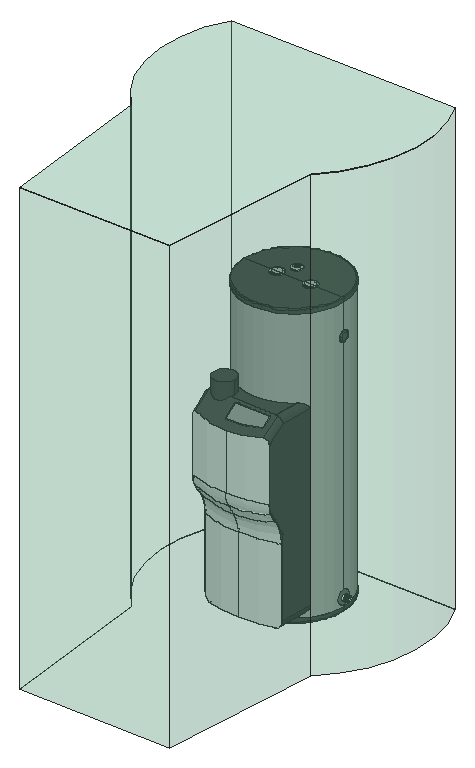
Revit family "Innovo  BENL_IR 24 245 BENL NAT", category Mechanical Equipment, Revit 2015
Parameters (values of type "IR-24-245 BENL NAT")
  Werkruimte Radius = Diameter + 170 mm  # 780 mm
  Werkruimte Hoogte = Hoogte + 1000 mm  # 2745 mm
  Werkruimte Afstand Voor = 1000 mm
  Werkruimte [instance] = yes
  Voorzorgsmaatregelen tijdens montage, installatie of onderhoud = "zie Gebruikers, Installatie, Service en Onderhouds handleiding"  # constant formula
  Voltage = 230 V  # constant formula
  Verpakkingslengte = 946 mm  # constant formula
  Verpakkingshoogte = 1895 mm
  Verpakkingsbreedte = 786 mm  # constant formula
  Uitsluitend werkend in daluren = no
  Uitschakeldruk LDS < = "210"
  Type aanduiding = "IR-24-285"
  Transportgewicht = 153 kg
  Totaal Gewicht = 438 kg
  Stilstandsverlies - dagelijks (24u) = 0 W
  Stilstandsverlies = 0 W
  Standaard Afgesteld op = "G31"
  Stand Regelthermostaat = 65 °C  # constant formula
  Soort Verpakking = "Karton en Hout"  # constant formula
  Slimme controlefunctie = no
  Setpoint thermostaat = 65 °C  # constant formula
  Seizoens Rendement (Hs) = [Rendement (Hs, vlgs. NEN-EN 89 - 1999)]  # 97
  Rendement (Hs, vlgs. NEN-EN 89 - 1999) = 97
  Rendement (Hi, vlgs. NEN-EN 89 - 1999) = 108
  Produktspecificaties Link = ""
  Produkthandleiding Link = ""
  Produkt Model Nummer (EAN-nummer) = "8717449286200"
  Onderhoudsinterval = "12 maanden"  # constant formula
  Nominale Belasting (Onderwaarde) = "22000.0"
  Nominale Belasting (Bovenwaarde) = "23900.0"
  Nominaal Vermogen = "23300.0"
  NOx-uitstoot mg/kWh = "33"
  NOx-uitstoot (lucht vrij, 0% O2) ppm = "20.0"
  Min. Stand Regelthermostaat = 40 °C  # constant formula
  Max. Werkdruk = 800000.0 Pa
  Max. Stand Regelthermostaat = 85 °C  # constant formula
  Max. Rookgastemperatuur = 57 °C
  Ledig Gewicht = 136 kg
  Kraan Hoogte 02 = if(and(Hoogte = 1745 mm, Diameter = 675 mm), 1518 mm, if(and(Hoogte = 1745 mm, Diameter = 610 mm), 1534 mm, if(Hoogte = 1545 mm, 1328 mm, 1070 mm)))  # 1534 mm
  Kraan Hoogte 01 = if(and(Diameter > 560 mm), 693 mm, 604 mm)  # 693 mm
  URL = "www.aosmith.be"
  Tapcapaciteit bij ΔT = 70°C  na 90 min. = 630.0 L
  Tapcapaciteit bij ΔT = 70°C  na 60 min. = 490.0 L
  Tapcapaciteit bij ΔT = 70°C  na 30 min. = 340.0 L
  Tapcapaciteit bij ΔT = 70°C  na 120 min. = 780.0 L
  Tapcapaciteit bij ΔT = 55°C  na 90 min. = 830.0 L
  Tapcapaciteit bij ΔT = 55°C  na 60 min. = 650.0 L
  Tapcapaciteit bij ΔT = 55°C  na 30 min. = 460.0 L
  Tapcapaciteit bij ΔT = 55°C  na 120 min. = 1100.0 L
  Tapcapaciteit bij ΔT = 50°C  na 90 min. = 920.0 L
  Tapcapaciteit bij ΔT = 50°C  na 60 min. = 720.0 L
  Tapcapaciteit bij ΔT = 50°C  na 30 min. = 510.0 L
  Tapcapaciteit bij ΔT = 50°C na 120 min. = 1200.0 L
  Tapcapaciteit bij ΔT = 44°C na 120 min. = 1100.0 L
  Tapcapaciteit bij ΔT = 44°C  na 90 min. = 820.0 L
  Tapcapaciteit bij ΔT = 44°C  na 60 min. = 590.0 L
  Tapcapaciteit bij ΔT = 44°C  na 30 min. = 1300.0 L
  Tapcapaciteit bij ΔT = 28°C na 90 min. = 1700.0 L
  Tapcapaciteit bij ΔT = 28°C na 60 min. = 1400.0 L
  Tapcapaciteit bij ΔT = 28°C na 30 min. = 960.0 L
  Tapcapaciteit bij ΔT = 28°C na 120 min. = 2100.0 L
  Tapcapaciteit Continu bij ΔT = 70°C = 290.0 L/s
  Tapcapaciteit Continu bij ΔT = 55°C = 370.0 L/s
  Tapcapaciteit Continu bij ΔT = 50°C = 410.0 L/s
  Tapcapaciteit Continu bij ΔT = 44°C = 460.0 L/s
  Tapcapaciteit Continu bij ΔT = 28°C = 740.0 L/s
  Opwarmtijd bij ΔT = 70°C = "49"
  Opwarmtijd bij ΔT = 55°C = "39"
  Opwarmtijd bij ΔT = 50°C = "35"
  Opwarmtijd bij ΔT = 44°C = "31"
  Opwarmtijd bij ΔT = 28°C = "20"
  Model = "IR-24-285 BENL LP"
  Manufacturer = "A.O. Smith Water Products Company b.v."  # constant formula
  Length = 780 mm  # constant formula
  Jaarlijks elektriciteitsverbruik (2) = "-"
  Jaarlijks elektriciteitsverbruik (1) = "45 kWh"
  Jaarlijks brandstofverbruik (2) = "-"
  Jaarlijks brandstofverbruik (1) = "21 GJ GCV"
  Isolatiedikte = 44 mm
  Installatie Typen = "B23/C13/C33/C43/C53/C63"  # constant formula
  Inhoud = 285.0 L
  Hoogte Warm Water Uitlaat = 1745 mm
  Hoogte Rookgasafvoer = 1350 mm
  Hoogte Lucht Inlaat = 1350 mm
  Hoogte Koud Water Inlaat = 170 mm
  Hoogte Gas Aansluiting = 920 mm
  Hoogte = 1745 mm
  Handelsmerk = "A.O. Smith"  # constant formula
  Geluidsniveau dB (A) = "<45"  # constant formula
  Geluidsniveau binnen = "53 dB"
  Gasverbruik - Volume ltr/hr = "n.v.t."
  Gasverbruik - Massa kg/h = "1.7"
  Gascategorie = "I2E(S)B"  # constant formula
  Gas Voordruk = "3700 Pa"
  Gas Aansluiting = 15"  # constant formula
  Garrantie op Tank = "36 maanden"  # constant formula
  Garrantie op Onderdelen = "12 maanden"  # constant formula
  Frequentie = 50 Hz  # constant formula
  Fase = 1
  Fabrikantnummer = "E 7110"  # constant formula
  Energie-efficiëntieklasse voor waterverwarming (2) = "-"
  Energie-efficiëntieklasse voor waterverwarming (1) = "A"  # constant formula
  Energie-efficiëntie voor waterverwarming (2) = "-"
  Energie-efficiëntie voor waterverwarming (1) = "91%"
  Elektrisch Vermogen (piek) = 105 W
  Elektrisch Vermogen (nominaal) = 51 W
  Diameter Schoorsteen - parallel systeem = "2x80"  # constant formula
  Diameter Schoorsteen - concentrisch systeem = "80/125 mm/mm"  # constant formula
  Diameter Schoorsteen - boiler = "80/125 mm/mm"  # constant formula
  Diameter = 610 mm
  Description = "Condenserende Hoog Rendementsboiler"  # constant formula
  Created By = "http://www.cadcompany.nl/"
  Capaciteitsprofiel = "XXL"
  CO2-uitstoot (tol. +/- 1.0) vol% = "10.0"
  CE-PIN = "0063CQ3037"  # constant formula
  Breedte = Diameter  # 610 mm
  Bestemming / Land = "BelgIë"  # constant formula
  BIM Content Developer = "CAD & Company"  # constant formula
  Assembly Code = "D3010"
  Ander capaciteitsprofiel = "-"
  Aansluiting Warm Water = 1"
  Aansluiting T&P = 1"
  Aansluiting Koud Water = 3/4"  # constant formula
  Aansluiting Condensafvoer = 40 mm  # constant formula
  Aansluiting Aftapkraan = 3/4"  # constant formula
  2e Onderhoud (algeheel onderhoud) = "12 maanden na installatie"  # constant formula
  1e Onderhoud (check-up) = "3 maanden na installatie"  # constant formula
Reference planes
  plane 1 "Center (Front/Back)": y = 0
  plane 2: z = 0
  plane 3 "Center (Left/Right)": x = 0
  plane 4 "Pipe": through (-383.901, 912.349, 194.799) normal (-0.0879, -0.0879, 0.9923)
  plane 5 "footing": y = 118.925
  plane 6 "footing front": y = -237.85
  plane 7: x = -305
  plane 8: x = 305
  plane 9: z = 1745
Forms (mm)
  Revolve 1, solid, material "RAL 9005", detail levels medium+fine
    sketch origin (0, -237.85, 0) x (-1, 0, 0) y (0, 0, 1)
      loop
        line (0, 28.9) -> (-15, 28.9) -> (-15, 26.4) -> (-8.671, 26.4) -> (-8.671, 18) -> (-5.686, 18) -> (-6.626, 17.06) -> (-6.626, 12.06) -> (-8.671, 12.06) -> (-8.671, 10) -> (-10.031, 10) -> (-23.271, 5.181)
        arc (-23.271, 5.181) -> (-23.763, 4.836) -> (-24.017, 4.293) r 1.159
        line (-24.017, 4.293) -> (-24.017, 1.03)
        arc (-24.017, 1.03) -> (-23.715, 0.302) -> (-22.986, 0) r 1.03
        line (-22.986, 0) -> (0, 0) -> (0, 28.9)
      axis (0, 28.9) -> (0, 0)
    angle from 0 to 360
  Revolve 2, solid, material "RAL 9005", detail levels medium+fine
    sketch origin (0, 118.925, 0) x (-1, 0, 0) y (0, 0, 1)
      loop
        line (-205.984, 28.9) -> (-220.984, 28.9) -> (-220.984, 26.4) -> (-214.655, 26.4) -> (-214.655, 18) -> (-211.67, 18) -> (-212.61, 17.06) -> (-212.61, 12.06) -> (-214.655, 12.06) -> (-214.655, 10) -> (-216.015, 10) -> (-229.256, 5.181)
        arc (-229.256, 5.181) -> (-229.747, 4.836) -> (-230.001, 4.293) r 1.159
        line (-230.001, 4.293) -> (-230.001, 1.03)
        arc (-230.001, 1.03) -> (-229.699, 0.302) -> (-228.971, 0) r 1.03
        line (-228.971, 0) -> (-205.984, 0) -> (-205.984, 28.9)
      axis (-205.984, 28.9) -> (-205.984, 0)
    angle from 0 to 360
  Revolve 3, solid, material "RAL 9005", detail levels medium+fine
    sketch origin (0, 118.925, 0) x (-1, 0, 0) y (0, 0, 1)
      loop
        line (204.016, 28.9) -> (189.016, 28.9) -> (189.016, 26.4) -> (195.345, 26.4) -> (195.345, 18) -> (198.33, 18) -> (197.39, 17.06) -> (197.39, 12.06) -> (195.345, 12.06) -> (195.345, 10) -> (193.985, 10) -> (180.744, 5.181)
        arc (180.744, 5.181) -> (180.253, 4.836) -> (179.999, 4.293) r 1.159
        line (179.999, 4.293) -> (179.999, 1.03)
        arc (179.999, 1.03) -> (180.301, 0.302) -> (181.029, 0) r 1.03
        line (181.029, 0) -> (204.016, 0) -> (204.016, 28.9)
      axis (204.016, 28.9) -> (204.016, 0)
    angle from 0 to 360
Lines and regions (mm)
  symbolic lines
    curve 1: line (0, 280.06, 0) -> (0, -280.06, 0)
    curve 2: line (-280.06, 0, 0) -> (280.06, 0, 0)
  symbolic lines, style "Workspace"
    curve 3: line (681.142, 380.06, 0) -> (-681.142, 380.06, 0)
    curve 4: arc (-681.142, 380.06, 0) -> (-777.325, -64.546, 0) -> (-609.127, -487.2, 0) r 780
    curve 5: line (-609.127, -487.2, 0) -> (-421.783, -1517.825, 0)
    curve 6: line (-421.783, -1517.825, 0) -> (424.03, -1517.825, 0)
    curve 7: line (424.03, -1517.825, 0) -> (611.027, -484.816, 0)
    curve 8: arc (611.027, -484.816, 0) -> (777.449, -63.027, 0) -> (681.142, 380.06, 0) r 780
Dimensions and locks
  plane 5 "footing" to plane 1 "Center (Front/Back)" = 118.925 mm
  plane 1 "Center (Front/Back)" to plane 6 "footing front" = 237.85 mm
  "Diameter": plane 7 to plane 8
  equal spacing: plane 7, plane 3 "Center (Left/Right)", plane 8
  "Hoogte": plane 9 to plane 2
  "Werkruimte Afstand Voor": curve 6 to nested 3
  "Werkruimte Radius": radius of curve 4
  "Werkruimte Radius": radius of curve 8
  aligned and locked: level to plane 2
  aligned and locked: nested 3 to Revolve 1 sketch curve
  aligned and locked: plane 3 "Center (Left/Right)" to Revolve 1 sketch curve
  aligned and locked: nested 3 to plane 1 "Center (Front/Back)"
  aligned and locked: plane 3 "Center (Left/Right)" to nested 3
  aligned and locked: nested 1 to plane 8
  aligned and locked: nested 5 to plane 8
  aligned and locked: nested 2 to plane 7
  aligned and locked: nested 4 to plane 7
  aligned and locked: nested 7 to plane 7
  aligned and locked: nested 8 to plane 3 "Center (Left/Right)"
  aligned and locked: nested 8 to nested 3
  aligned and locked: curve 3 to nested 8
Automatic sketch dimensions
  Revolve 1 sketch curve to level = 0 mm
  plane 3 "Center (Left/Right)" to Revolve 1 sketch curve = 5.686 mm
  Revolve 1 sketch curve to Revolve 1 sketch curve = 0.94 mm  (x2)
  Revolve 1 sketch curve to Revolve 1 sketch curve = 2.046 mm  (x2)
  Revolve 1 sketch curve to Revolve 1 sketch curve = 1.359 mm
  Revolve 1 sketch curve to Revolve 1 sketch curve = 6.329 mm
  level to Revolve 1 sketch curve = 4.091 mm
  Revolve 1 sketch curve to Revolve 1 sketch curve = 12.844 mm
  level to Revolve 1 sketch curve = 1.03 mm
  Revolve 1 sketch curve to Revolve 1 sketch curve = 0.111 mm
  level to Revolve 1 sketch curve = 5.181 mm
  Revolve 1 sketch curve to Revolve 1 sketch curve = 0.745 mm
  level to Revolve 1 sketch curve = 10 mm
  Revolve 1 sketch curve to Revolve 1 sketch curve = 2.06 mm
  Revolve 1 sketch curve to Revolve 1 sketch curve = 5 mm
  Revolve 1 sketch curve to Revolve 1 sketch curve = 8.4 mm
  Revolve 1 sketch curve to Revolve 1 sketch curve = 2.5 mm
  Revolve 1 sketch curve to level = 19.635 mm
  Revolve 1 sketch curve to Revolve 1 sketch curve = 46.465 mm
  Revolve 2 sketch curve to level = 0 mm
  level to Revolve 2 sketch curve = 1.03 mm
  Revolve 2 sketch curve to plane 8 = 74.999 mm
  level to Revolve 2 sketch curve = 5.181 mm
  Revolve 2 sketch curve to Revolve 2 sketch curve = 0.745 mm
  Revolve 2 sketch curve to Revolve 2 sketch curve = 0.397 mm
  Revolve 2 sketch curve to Revolve 2 sketch curve = 8.271 mm
  Revolve 2 sketch curve to Revolve 2 sketch curve = 13.241 mm
  Revolve 2 sketch curve to Revolve 2 sketch curve = 1.359 mm
  Revolve 2 sketch curve to Revolve 2 sketch curve = 6.329 mm
  Revolve 2 sketch curve to Revolve 2 sketch curve = 2.046 mm
  level to Revolve 2 sketch curve = 18 mm
  Revolve 2 sketch curve to Revolve 2 sketch curve = 0.94 mm  (x2)
  Revolve 2 sketch curve to Revolve 2 sketch curve = 8.671 mm
  Revolve 2 sketch curve to Revolve 2 sketch curve = 1.089 mm
  Revolve 2 sketch curve to Revolve 2 sketch curve = 8 mm
  Revolve 2 sketch curve to Revolve 2 sketch curve = 2.06 mm
  Revolve 2 sketch curve to Revolve 2 sketch curve = 8.4 mm
  Revolve 2 sketch curve to Revolve 2 sketch curve = 2.5 mm
  Revolve 2 sketch curve to Revolve 2 sketch curve = 0 mm
  Revolve 2 sketch curve to level = 19.635 mm
  Revolve 2 sketch curve to Revolve 2 sketch curve = 46.465 mm
  Revolve 3 sketch curve to level = 0 mm
  level to Revolve 3 sketch curve = 1.03 mm
  Revolve 3 sketch curve to plane 7 = 125.001 mm
  level to Revolve 3 sketch curve = 5.181 mm
  Revolve 3 sketch curve to Revolve 3 sketch curve = 0.745 mm
  Revolve 3 sketch curve to Revolve 3 sketch curve = 0.397 mm
  Revolve 3 sketch curve to Revolve 3 sketch curve = 8.271 mm
  Revolve 3 sketch curve to Revolve 3 sketch curve = 13.241 mm
  Revolve 3 sketch curve to Revolve 3 sketch curve = 1.359 mm
  Revolve 3 sketch curve to Revolve 3 sketch curve = 6.329 mm
  Revolve 3 sketch curve to Revolve 3 sketch curve = 2.046 mm
  level to Revolve 3 sketch curve = 18 mm
  Revolve 3 sketch curve to Revolve 3 sketch curve = 0.94 mm  (x2)
  Revolve 3 sketch curve to Revolve 3 sketch curve = 8.671 mm
  Revolve 3 sketch curve to Revolve 3 sketch curve = 1.089 mm
  Revolve 3 sketch curve to Revolve 3 sketch curve = 8 mm
  Revolve 3 sketch curve to Revolve 3 sketch curve = 2.06 mm
  Revolve 3 sketch curve to Revolve 3 sketch curve = 8.4 mm
  Revolve 3 sketch curve to Revolve 3 sketch curve = 2.5 mm
  Revolve 3 sketch curve to Revolve 3 sketch curve = 0 mm
  Revolve 3 sketch curve to level = 19.635 mm
  Revolve 3 sketch curve to Revolve 3 sketch curve = 46.465 mm
  curve 4 to curve 8 = 0 mm  (x2)
  plane 1 "Center (Front/Back)" to curve 2 = 0 mm
  curve 1 to plane 3 "Center (Left/Right)" = 0 mm
  plane 1 "Center (Front/Back)" to curve 4 = 0 mm
  curve 4 to plane 3 "Center (Left/Right)" = 0 mm
  curve 5 to plane 6 "footing front" = 249.35 mm
  plane 7 to curve 5 = 116.783 mm
  plane 8 to curve 7 = 119.03 mm
  curve 7 to plane 6 "footing front" = 246.966 mm
  curve 2 to plane 7 = 24.94 mm
  curve 2 to plane 8 = 24.94 mm
  curve 1 to plane 6 "footing front" = 42.21 mm
  plane 5 "footing" to curve 1 = 161.135 mm
Nested families
  nested 1: "Valve" at (305, -0.38, 1534) x (0, 1, 0) z (0, 0, 1), built-in parameter 1001364 <- "Kraan Hoogte 02", type "Valve"
  nested 2: "Drain Valve" at (-305, 0, 1534), built-in parameter 1001364 <- "Kraan Hoogte 02", type "Drain Valve"
  nested 3: "Housing Mother Housing S 57 (external)" at (0, -299.886, 0), type "Housing Mother_Housing S_57"
    with radius 305 mm, distance to boiler center 154 mm, diameter 610 mm
  nested 4: "Drain Valve" at (-305, 0, 177), type "Drain Valve"
  nested 5: "Drain Valve" at (305, 0, 107) x (-1, 0, 0) z (0, 0, 1), type "Drain Valve"
  nested 6: "Boiler" at (0, 0, 0), height <- "Hoogte", type "Boiler"
    with height 1745 mm, radius 305 mm, Diameter 610 mm
  nested 7: "Drain Valve" at (-305, 0, 693), built-in parameter 1001364 <- "Kraan Hoogte 01", type "Drain Valve"
  nested 8: "Innovo_workspace" at (0, 0, 0), Workspace <- "Werkruimte", Workspace Distance Front <- "Werkruimte Afstand Voor", Workspace Height <- "Werkruimte Hoogte", Workspace Radius <- "Werkruimte Radius", type "Workspace"
    with Workspace Radius 780 mm, Workspace Height 2745 mm, Workspace Distance Front 1000 mm, Workspace yes, Center to Front 517.825 mm
Connectors
  piping at (339.826, 0, 107), diameter 19.05, driven by "Aansluiting Aftapkraan"
    settings: on nested 5, index 1, connector inside diameter 24", connector length 0 mm, flow factor 0, pipe flow 0.0 L/s, pressure drop 0.0 Pa, fitting loss kfactor 0, connector angle 0.00°, fixture units 0, engagement length 0 mm, angle of deflection 0.00°, flow configuration 0, flow direction 0, fitting loss method 0, system type 19, joint type 0, gender type 0, connector reference index -1, connector utility 0, adjustable connector no, is connector primary yes, connector description ""
  hvac at (-147.013, -346.326, 1310.674)
    settings: on nested 3, index 2, duct flow 0.0 L/s, flow factor 0, pres drop 0.0 Pa, loss coef 0, conn angle 0.00°, conn width 304.8 mm, conn height 304.8 mm, conn diameter 125 mm, duct sys type 4, conn prof type 0, flow config 0, flow direction 0, loss method 0, conn ref index -1, conn util no, is conn primary yes, conn desc ""
Definition of nested family "Valve"
  Parameters (values of type "Valve")
    Type Comments = "T&P valve (internal)"
    Manufacturer = "A.O. Smith"
  Reference planes
    plane 1 "Center (Front/Back)": y = 0
    plane 2: z = 0
    plane 3 "Center (Left/Right)": x = 0
  Forms (mm)
    Extrusion 1, solid, detail levels fine
      sketch origin (0, 0, 0) x (1, 0, 0) y (0, 0, 1)
        loop
          circle (0, 0) r 31.5
      from -2.271 to 1.4
    Sweep 2, solid, detail levels fine
      path origin (0, -1.4, 0) x (1, 0, 0) y (0, 0, 1)
        loop
          circle (0, 0) r 31.5
      profile origin (0, -1.4, 31.5) x (0, 0, -1) y (0, -1, 0)
        loop
          line (7.3, 0) -> (7.3, 3) -> (0, 0) -> (7.3, 0)
  Dimensions and locks
    aligned and locked: level to plane 2
Definition of nested family "Drain Valve"
  Reference planes
    plane 1 "Center (Front/Back)": y = 0
    plane 2: z = 0
    plane 3 "Center (Left/Right)": x = 0
  Forms (mm)
    Revolve 1, solid, detail levels medium+fine
      sketch origin (0, 0, 0) x (1, 0, 0) y (0, 0, 1)
        loop
          line (-33.442, 15.696) -> (-34.826, 14.329) -> (-34.93, 12.731) -> (-16.555, 12.731) -> (-16.555, 0) -> (15.787, 0) -> (15.787, 18.3) -> (-14.4, 18.3) -> (-17.148, 15.533) -> (-18.729, 16.697) -> (-20.091, 15.333) -> (-21.672, 16.496) -> (-23.034, 15.133) -> (-24.614, 16.296) -> (-25.976, 14.932) -> (-27.557, 16.096) -> (-28.919, 14.732) -> (-30.5, 15.896) -> (-31.862, 14.532) -> (-33.442, 15.696)
        axis (-34.93, 0) -> (15.787, 0)
      angle from 0 to 360
  Dimensions and locks
    aligned and locked: level to plane 2
  Nested families
    nested 1: "Rubber sealing" at (2.592, -0.155, 0) x (0.0023, -1, 0) z (0, 0, 1), type "Rubber sealing", detail levels fine
  Definition of nested family "Rubber sealing"
    Reference planes
      plane 1 "Center (Front/Back)": y = 0
      plane 2: z = 0
      plane 3 "Center (Left/Right)": x = 0
    Forms (mm)
      Extrusion 1, solid, detail levels fine
        sketch origin (141.861, 319.581, 0) x (1, 0, 0) y (0, 1, 0)
          loop
            line (-216.354, -311.898) -> (-216.354, -313.94)
            arc (-216.354, -313.94) -> (-141.602, -321.581) -> (-66.861, -313.835) r 366.966
            line (-66.861, -313.835) -> (-66.861, -311.791)
            arc (-66.861, -311.791) -> (-141.602, -319.581) -> (-216.354, -311.898) r 364.966
        from -80 to 80
      Extrusion 2, void
        sketch origin (141.861, 319.581, 0) x (1, 0, 0) y (0, 0, 1)
          loop
            circle (-141.861, 0) r 13
          loop
            circle (-141.861, 0) r 110
          loop
            circle (-141.861, 0) r 40
        from 311.563 to 332.684
      Extrusion 3, void
        sketch origin (141.861, 319.581, 0) x (1, 0, 0) y (0, 0, 1)
          loop
            circle (-141.861, 0) r 18.25
        from 315.524 to 326.084
    Cuts and joins
      Extrusion 2, Extrusion 3 cuts Extrusion 1
    Dimensions and locks
      aligned and locked: level to plane 2
Definition of nested family "Housing Mother Housing S 57 (external)"
  Parameters (values of type "Housing Mother_Housing S_57")
    radius [instance] = 280 mm
    distance to boiler center = if(diameter = 675 mm, 189 mm, if(diameter = 610 mm, 154 mm, 129 mm))  # 129 mm
    diameter = 560 mm
  Reference planes
    plane 1 "Center (Front/Back)": y = 0
    plane 2: z = 0
    plane 3 "Center (Left/Right)": x = 0
    plane 4 "left": through (-245.286, 145.886, 1200) normal (0.9994, 0.0349, 0)
    plane 5: y = -217.939
    plane 6: y = 145.886
    plane 7: z = 1232.6
    plane 8: z = 65.89
    plane 9 "right": through (245.286, 145.886, 1200) normal (0.9994, -0.0349, 0)
    plane 10 "display": through (0, -90.37, 1221.196) normal (0, -0.5736, 0.8192)
    plane 11 "Potentiostat": z = 867.899
    plane 12 "boiler center": y = 274.886
    plane 13: x = -280
    plane 14: x = 280
  Forms (mm)
    Extrusion 1, solid
      sketch origin (0, 0, 0) x (1, 0, 0) y (0, 1, 0)
        loop
          line (-245.286, 145.886) -> (-232.581, -217.939) -> (232.581, -217.939) -> (245.286, 145.886)
          arc (245.286, 145.886) -> (0, 0.923) -> (-245.286, 145.886) r 280
      from 0 to 1232.6
    Sweep 2, void
      path origin (0, 0, 0) x (0, 1, 0) y (0, 0, 1)
        loop
          line (-217.939, 1232.6) -> (-217.939, 795.555)
          arc (-217.939, 795.555) -> (-212.387, 754.285) -> (-197.694, 715.322) r 183.924
          arc (-197.694, 715.322) -> (-179.915, 684.628) -> (-159.106, 655.901) r 348.284
          arc (-159.106, 655.901) -> (-131.411, 600.328) -> (-121.88, 538.973) r 202.254
          line (-121.88, 538.973) -> (-121.88, 61.106)
      profile origin (0, -217.939, 1014.077) x (1, 0, 0) y (0, 1, 0)
        loop
          arc (0, 0) -> (-117.533, 9.941) -> (-231.728, 39.475) r 699.984
          arc (-231.728, 39.475) -> (-233.391, 40.705) -> (-234.07, 42.659) r 3.505
          line (-234.07, 42.659) -> (-254.062, 42.659) -> (-254.062, -142.593) -> (254.07, -142.593) -> (254.07, 42.659) -> (234.07, 42.659)
          arc (234.07, 42.659) -> (233.391, 40.705) -> (231.728, 39.475) r 3.505
          arc (231.728, 39.475) -> (117.533, 9.941) -> (0, 0) r 699.984
    Extrusion 3, void
      sketch origin (0, 0, 0) x (0, 1, 0) y (0, 0, 1)
        loop
          arc (102.864, 70.869) -> (99.804, 70.709) -> (96.874, 69.813) r 12.57
          arc (96.874, 69.813) -> (87.878, 66.533) -> (78.516, 64.529) r 69.114
          arc (78.516, 64.529) -> (76.41, 64.284) -> (74.294, 64.148) r 41.206
          arc (74.294, 64.148) -> (65.203, 64.335) -> (56.122, 64.782) r 318.661
          arc (56.122, 64.782) -> (30.585, 66.179) -> (5.028, 67.128) r 1456.581
          line (5.028, 67.128) -> (-84.534, 73.135)
          arc (-84.534, 73.135) -> (-86.363, 73.808) -> (-87.536, 75.365) r 3.455
          line (-87.536, 75.365) -> (-264.473, 75.365) -> (-264.473, 0) -> (160.886, 0) -> (160.886, 103.945) -> (145.886, 103.945)
          arc (145.886, 103.945) -> (145.104, 97.827) -> (142.923, 92.059) r 26.364
          arc (142.923, 92.059) -> (141.067, 88.936) -> (138.867, 86.045) r 31.715
          arc (138.867, 86.045) -> (135.576, 82.49) -> (132.021, 79.2) r 62.615
          arc (132.021, 79.2) -> (125.841, 74.697) -> (119.091, 71.103) r 54.444
          arc (119.091, 71.103) -> (116.371, 70.272) -> (113.531, 70.123) r 11.669
          line (113.531, 70.123) -> (102.864, 70.869)
      from -254.062 to 254.07
    Sweep 4, void
      path origin (0, 0, 0) x (1, 0, 0) y (0, 1, 0)
        loop
          line (-245.286, 145.886) -> (-232.581, -217.939)
      profile origin (-238.933, -36.027, 0) x (0.999391, 0.034899, 0) y (0, 0, 1)
        loop
          line (-4.454, 0) -> (47.084, 0) -> (47.084, 73.431)
          arc (47.084, 73.431) -> (14.222, 85.134) -> (0.255, 117.1) r 43.922
          line (0.255, 117.1) -> (-4.454, 117.1) -> (-4.454, 0)
    Sweep 5, void
      path origin (0, 0, 0) x (-1, 0, 0) y (0, 1, 0)
        loop
          line (-245.286, 145.886) -> (-232.581, -217.939)
      profile origin (238.933, -36.027, 0) x (0.999391, -0.034899, 0) y (0, 0, 1)
        loop
          line (4.454, 0) -> (4.454, 117.1) -> (-0.255, 117.1)
          arc (-0.255, 117.1) -> (-14.222, 85.134) -> (-47.084, 73.431) r 43.922
          line (-47.084, 73.431) -> (-47.084, 0) -> (4.454, 0)
    Sweep 6, void
      path origin (-239.899, -8.377, 0) x (-0.034899, 0.999391, 0) y (0, 0, 1)
        loop
          line (-209.69, 1141.272) -> (-79.18, 1232.6) -> (154.358, 1232.6)
      profile origin (-241.211, 29.188, 1232.6) x (0, 0, 1) y (0.999391, 0.034899, 0)
        loop
          line (-45, -30) -> (75, -30) -> (75, 0) -> (75, 55) -> (2.799, 55) -> (-1.253, 35.128)
          arc (-1.253, 35.128) -> (-16.771, 9.564) -> (-45, -0.308) r 44.287
          line (-45, -0.308) -> (-45, -30)
    Sweep 7, void
      path origin (239.899, -8.377, 0) x (0.034899, 0.999391, 0) y (0, 0, 1)
        loop
          line (-209.69, 1141.272) -> (-79.18, 1232.6) -> (154.358, 1232.6)
      profile origin (241.211, 29.188, 1232.6) x (0, 0, -1) y (-0.999391, 0.034899, 0)
        loop
          line (-75, -25) -> (45, -25) -> (45, -0.308)
          arc (45, -0.308) -> (16.771, 9.564) -> (1.253, 35.128) r 44.287
          line (1.253, 35.128) -> (-2.799, 55) -> (-75, 55) -> (-75, -25)
    Extrusion 8, void
      sketch origin (0, 0, 0) x (0, 1, 0) y (0, 0, 1)
        loop
          line (-270, 1336.099) -> (-270, 1099.081) -> (68.497, 1336.099) -> (-270, 1336.099)
      from -425.038 to 444.42
    Extrusion 9, solid, detail levels medium+fine
      sketch origin (0, 0, 0) x (1, 0, 0) y (0, 1, 0)
        loop
          circle (-147.013, -46.44) r 65
      from 1163.174 to 1310.674
    Extrusion 10, void
      sketch origin (0, -603.506, 861.895) x (0, 0.819152, 0.573576) y (-1, 0, 0)
        loop
          arc (618.322, -173) -> (623.272, -170.95) -> (625.322, -166) r 7
          line (625.322, -166) -> (625.322, 35)
          arc (625.322, 35) -> (623.272, 39.95) -> (618.322, 42) r 7
          line (618.322, 42) -> (535.473, 42)
          arc (535.473, 42) -> (530.688, 40.11) -> (528.488, 35.46) r 7
          arc (528.488, 35.46) -> (531.569, -67.592) -> (554.18, -168.18) r 540
          arc (554.18, -168.18) -> (556.724, -171.668) -> (560.831, -173) r 7
          line (560.831, -173) -> (618.322, -173)
      from 0 to 137.286
    Sweep 11, solid, detail levels fine
      path origin (0, 0, 867.899) x (-1, 0, 0) y (0, -1, 0)
        loop
          line (309.749, -35.617) -> (204.371, -35.617)
          arc (204.371, -35.617) -> (196.509, -34.687) -> (189.082, -31.947) r 33.677
          line (189.082, -31.947) -> (-9.574, 69.274)
      profile origin (-257.06, 35.617, 867.899) x (0, 1, 0) y (0, 0, 1)
        loop
          circle (0, 0) r 7.316
        loop
          circle (0, 0) r 6.465
    Revolve 12, void
      sketch origin (0, 274.886, 0) x (-1, 0, 0) y (0, 0, 1)
        loop
          line (280, 1243.838) -> (0, 1243.838) -> (0, 54.9) -> (280, 54.9) -> (280, 1243.838)
        axis (0, 1243.838) -> (0, 54.9)
      angle from 0 to 360
  Cuts and joins
    Sweep 2, Extrusion 3, Sweep 4, Sweep 5, Sweep 6, Sweep 7, Extrusion 8, Extrusion 10, Revolve 12 cuts Extrusion 1
  Dimensions and locks
    plane 8 to plane 2 = 65.89 mm
    plane 7 to plane 8 = 1166.71 mm
    "distance to boiler center": plane 12 "boiler center" to plane 6
    "diameter": plane 14 to plane 13
    equal spacing: plane 14, plane 3 "Center (Left/Right)", plane 13
    "radius": plane 3 "Center (Left/Right)" to plane 13
    aligned and locked: level to plane 2
    aligned and locked: Extrusion 1 to plane 7
    aligned and locked: Extrusion 1 sketch curve to plane 5
    aligned and locked: Sweep 2 to Extrusion 3
    aligned and locked: Extrusion 3 to Sweep 2  (x2)
    aligned and locked: plane 7 to Sweep 2 sketch curve
    aligned and locked: plane 3 "Center (Left/Right)" to Revolve 12 sketch curve
    aligned and locked: Revolve 12 sketch curve to plane 3 "Center (Left/Right)"
    aligned and locked: plane 13 to Revolve 12 sketch curve
  Automatic sketch dimensions
    Extrusion 1 sketch curve to plane 4 "left" = 0 mm  (x2)
    Extrusion 1 sketch curve to plane 6 = 0 mm  (x2)
    Extrusion 1 sketch curve to plane 3 "Center (Left/Right)" = 0 mm
    Extrusion 1 sketch curve to plane 9 "right" = 0 mm
    plane 6 to Extrusion 1 sketch curve = 135.037 mm
    Sweep 2 sketch curve to plane 5 = 0 mm
    plane 5 to Sweep 2 sketch curve = 106.195 mm
    Sweep 2 sketch curve to plane 5 = 96.059 mm
    plane 1 "Center (Front/Back)" to Sweep 2 sketch curve = 34.053 mm
    plane 11 "Potentiostat" to Sweep 2 sketch curve = 6.417 mm
    Sweep 2 sketch curve to plane 6 = 33.705 mm
    Sweep 2 sketch curve to plane 11 "Potentiostat" = 68.615 mm
    Sweep 2 sketch curve to plane 11 "Potentiostat" = 72.345 mm
    Sweep 2 sketch curve to Sweep 2 sketch curve = 176.349 mm
    Sweep 2 sketch curve to Sweep 2 sketch curve = 0 mm  (x2)
    plane 8 to Sweep 2 sketch curve = 4.784 mm
    Extrusion 3 sketch curve to level = 0 mm
    Extrusion 3 sketch curve to plane 6 = 0 mm
    Extrusion 3 sketch curve to plane 6 = 26.363 mm
    Extrusion 3 sketch curve to Extrusion 3 sketch curve = 4.75 mm
    Extrusion 3 sketch curve to Extrusion 3 sketch curve = 5.179 mm
    Extrusion 3 sketch curve to plane 8 = 4.232 mm
    Extrusion 3 sketch curve to Extrusion 3 sketch curve = 0.814 mm
    Extrusion 3 sketch curve to plane 8 = 4.978 mm
    Extrusion 3 sketch curve to Extrusion 3 sketch curve = 10.667 mm
    Extrusion 3 sketch curve to Extrusion 3 sketch curve = 0.877 mm
    Extrusion 3 sketch curve to Extrusion 3 sketch curve = 17.827 mm
    Extrusion 3 sketch curve to Extrusion 3 sketch curve = 5.646 mm
    Extrusion 3 sketch curve to plane 6 = 69.562 mm
    Extrusion 3 sketch curve to Extrusion 3 sketch curve = 18.6 mm
    Extrusion 3 sketch curve to Extrusion 3 sketch curve = 22.538 mm
    Extrusion 3 sketch curve to plane 8 = 1.238 mm
    Extrusion 3 sketch curve to plane 1 "Center (Front/Back)" = 5.028 mm
    plane 1 "Center (Front/Back)" to Extrusion 3 sketch curve = 36.224 mm
    Extrusion 3 sketch curve to plane 8 = 10.692 mm
    plane 1 "Center (Front/Back)" to Extrusion 3 sketch curve = 84.302 mm
    Extrusion 3 sketch curve to plane 8 = 7.244 mm
    Extrusion 3 sketch curve to Extrusion 3 sketch curve = 0.231 mm
    Extrusion 3 sketch curve to Extrusion 3 sketch curve = 3.234 mm
    plane 5 to Extrusion 3 sketch curve = 46.534 mm
    plane 6 to Extrusion 3 sketch curve = 15 mm
    Extrusion 3 sketch curve to level = 1388.869 mm
    plane 8 to Extrusion 3 sketch curve = 7.561 mm
    Extrusion 3 sketch curve to Extrusion 3 sketch curve = 11.64 mm
    Extrusion 3 sketch curve to plane 8 = 38.054 mm
    Extrusion 3 sketch curve to Extrusion 3 sketch curve = 22.442 mm
    Extrusion 3 sketch curve to plane 8 = 39.432 mm
    Extrusion 3 sketch curve to Extrusion 3 sketch curve = 2.466 mm
    Extrusion 3 sketch curve to Extrusion 3 sketch curve = 14.17 mm
    Extrusion 3 sketch curve to Extrusion 3 sketch curve = 5.925 mm
    Extrusion 3 sketch curve to Extrusion 3 sketch curve = 6.186 mm
    Extrusion 3 sketch curve to Extrusion 3 sketch curve = 249.85 mm
    Extrusion 3 sketch curve to Extrusion 3 sketch curve = 0 mm  (x4)
    Extrusion 3 sketch curve to Extrusion 3 sketch curve = 6.845 mm
    plane 8 to Extrusion 3 sketch curve = 1.743 mm
    Sweep 4 sketch curve to plane 4 "left" = 0 mm  (x2)
    Sweep 4 sketch curve to plane 6 = 0 mm
    plane 5 to Sweep 4 sketch curve = 0 mm
    Sweep 4 sketch curve to level = 0 mm
    profile plane to Sweep 4 sketch curve = 4.454 mm
    Sweep 4 sketch curve to profile plane = 0.255 mm
    Sweep 4 sketch curve to Sweep 4 sketch curve = 43.922 mm
    Sweep 4 sketch curve to profile plane = 47.084 mm
    level to Sweep 4 sketch curve = 73.431 mm
    Sweep 4 sketch curve to Sweep 4 sketch curve = 43.669 mm
    Sweep 5 sketch curve to plane 6 = 0 mm
    Sweep 5 sketch curve to plane 9 "right" = 0 mm  (x2)
    plane 5 to Sweep 5 sketch curve = 0 mm
    Sweep 5 sketch curve to level = 0 mm
    profile plane to Sweep 5 sketch curve = 47.084 mm
    Sweep 5 sketch curve to Sweep 5 sketch curve = 2.907 mm
    profile plane to Sweep 5 sketch curve = 0.255 mm
    Sweep 5 sketch curve to profile plane = 4.454 mm
    level to Sweep 5 sketch curve = 73.431 mm
    Sweep 5 sketch curve to Sweep 5 sketch curve = 43.669 mm
    Sweep 6 sketch curve to plane 7 = 0 mm
    plane 7 to Sweep 6 sketch curve = 91.328 mm
    Sweep 6 sketch curve to Sweep 6 sketch curve = 130.509 mm
    Sweep 6 sketch curve to Sweep 6 sketch curve = 233.538 mm
    Sweep 6 sketch curve to plane 4 "left" = 0 mm
    profile plane to Sweep 6 sketch curve = 45 mm
    Sweep 6 sketch curve to Sweep 6 sketch curve = 0.354 mm
    profile plane to Sweep 6 sketch curve = 1.253 mm
    Sweep 6 sketch curve to profile plane = 2.799 mm
    Sweep 6 sketch curve to Sweep 6 sketch curve = 72.201 mm
    Sweep 6 sketch curve to plane 4 "left" = 0.308 mm
    Sweep 6 sketch curve to Sweep 6 sketch curve = 29.692 mm
    plane 4 "left" to Sweep 6 sketch curve = 35.128 mm
    plane 4 "left" to Sweep 6 sketch curve = 55 mm
    Sweep 7 sketch curve to plane 7 = 0 mm
    Sweep 7 sketch curve to plane 7 = 91.328 mm
    Sweep 7 sketch curve to Sweep 7 sketch curve = 130.509 mm
    Sweep 7 sketch curve to Sweep 7 sketch curve = 233.538 mm
    Sweep 7 sketch curve to plane 9 "right" = 25 mm
    profile plane to Sweep 7 sketch curve = 75 mm
    profile plane to Sweep 7 sketch curve = 2.799 mm
    Sweep 7 sketch curve to profile plane = 1.253 mm
    Sweep 7 sketch curve to Sweep 7 sketch curve = 43.393 mm
    Sweep 7 sketch curve to profile plane = 45 mm
    Sweep 7 sketch curve to plane 9 "right" = 0.308 mm
    plane 9 "right" to Sweep 7 sketch curve = 35.128 mm
    Sweep 7 sketch curve to Sweep 7 sketch curve = 19.872 mm
    plane 5 to Extrusion 8 sketch curve = 52.061 mm
    Extrusion 8 sketch curve to plane 1 "Center (Front/Back)" = 68.497 mm
    plane 7 to Extrusion 8 sketch curve = 133.519 mm
    Extrusion 8 sketch curve to plane 7 = 103.499 mm
    plane 1 "Center (Front/Back)" to Extrusion 9 sketch curve = 46.44 mm
    Extrusion 9 sketch curve to plane 3 "Center (Left/Right)" = 147.013 mm
    Extrusion 10 sketch curve to plane 3 "Center (Left/Right)" = 0 mm
    Extrusion 10 sketch curve to plane 3 "Center (Left/Right)" = 35 mm
    Extrusion 10 sketch curve to Extrusion 10 sketch curve = 25.359 mm
    Extrusion 10 sketch curve to Extrusion 10 sketch curve = 57.491 mm
    Extrusion 10 sketch curve to plane 3 "Center (Left/Right)" = 42 mm
    Extrusion 10 sketch curve to Extrusion 10 sketch curve = 82.85 mm
    Extrusion 10 sketch curve to Extrusion 10 sketch curve = 7 mm
    Extrusion 10 sketch curve to Extrusion 10 sketch curve = 442 mm
    plane 3 "Center (Left/Right)" to Extrusion 10 sketch curve = 166 mm
    Extrusion 10 sketch curve to Extrusion 10 sketch curve = 0 mm  (x2)
    Sweep 11 sketch curve to plane 1 "Center (Front/Back)" = 31.947 mm
    Sweep 11 sketch curve to plane 3 "Center (Left/Right)" = 189.082 mm
    Sweep 11 sketch curve to plane 1 "Center (Front/Back)" = 1.94 mm
    Sweep 11 sketch curve to Sweep 11 sketch curve = 15.289 mm
    plane 3 "Center (Left/Right)" to Sweep 11 sketch curve = 9.574 mm
    Sweep 11 sketch curve to Sweep 11 sketch curve = 105.378 mm
    plane 1 "Center (Front/Back)" to Sweep 11 sketch curve = 69.274 mm
    Sweep 11 sketch curve to Sweep 11 sketch curve = 0 mm  (x2)
    Sweep 11 sketch curve to plane 11 "Potentiostat" = 0 mm
    Sweep 11 sketch curve to profile plane = 0 mm
    plane 8 to Revolve 12 sketch curve = 10.99 mm
    Revolve 12 sketch curve to plane 7 = 11.238 mm
    Revolve 12 sketch curve to level = 366.045 mm
    Revolve 12 sketch curve to Revolve 12 sketch curve = 971.917 mm
    Sweep 2 sketch curve to plane 3 "Center (Left/Right)" = 0 mm
    profile plane to Sweep 2 sketch curve = 0 mm
    Sweep 2 sketch curve to plane 3 "Center (Left/Right)" = 0.016 mm
    Sweep 2 sketch curve to profile plane = 42.782 mm  (x2)
    Sweep 2 sketch curve to plane 3 "Center (Left/Right)" = 230.568 mm
    plane 3 "Center (Left/Right)" to Sweep 2 sketch curve = 0.016 mm
    plane 3 "Center (Left/Right)" to Sweep 2 sketch curve = 230.568 mm
    Sweep 2 sketch curve to Sweep 2 sketch curve = 3.502 mm  (x2)
    Sweep 2 sketch curve to Sweep 2 sketch curve = 20 mm
    profile plane to Sweep 2 sketch curve = 142.593 mm
    Sweep 2 sketch curve to Sweep 2 sketch curve = 0.122 mm  (x2)
    Sweep 2 sketch curve to Sweep 2 sketch curve = 657.203 mm
    Sweep 2 sketch curve to Sweep 2 sketch curve = 19.991 mm
    radius of Extrusion 9 sketch curve = 65 mm
    radius of Sweep 11 sketch curve = 7.316 mm
    radius of Sweep 11 sketch curve = 6.465 mm
  Nested families
    nested 1: "display" at (65.5, -130.939, 1192.79) x (-1, 0, 0) z (0, -0.5736, 0.8192), type "display"
  Definition of nested family "display"
    Parameters (values of type "display")
      Default Elevation = 1219.2 mm
    Reference planes
      plane 1 "Center (Front/Back)": y = 0
      plane 2: z = 0
      plane 3 "Center (Left/Right)": x = 0
    Forms (mm)
      Extrusion 1, solid, detail levels medium+fine
        sketch origin (-16.958, 11.842, -343.878) x (1, 0, 0) y (0, 0, -1)
          loop
            line (-233.523, -343.878) -> (-233.523, -346.592) -> (332.686, -346.592) -> (332.686, -343.878) -> (-233.523, -343.878)
        from -228.7 to 150.822
      Extrusion 2, void
        sketch origin (-16.958, 6.842, -343.878) x (1, 0, 0) y (0, 1, 0)
          loop
            line (-233.523, 155.822) -> (-233.523, -223.7) -> (332.686, -223.7) -> (332.686, 155.822) -> (-233.523, 155.822)
          loop
            arc (-90.542, -48.267) -> (-88.492, -53.216) -> (-83.542, -55.267) r 7
            line (-83.542, -55.267) -> (117.458, -55.267)
            arc (117.458, -55.267) -> (122.408, -53.216) -> (124.458, -48.267) r 7
            line (124.458, -48.267) -> (124.458, 34.583)
            arc (124.458, 34.583) -> (122.568, 39.368) -> (117.918, 41.568) r 7
            arc (117.918, 41.568) -> (14.866, 38.487) -> (-85.722, 15.876) r 540
            arc (-85.722, 15.876) -> (-89.21, 13.332) -> (-90.542, 9.224) r 7
            line (-90.542, 9.224) -> (-90.542, -48.267)
        from 328.878 to 363.083
    Cuts and joins
      Extrusion 2 cuts Extrusion 1
    Dimensions and locks
      aligned and locked: level to plane 2
Definition of nested family "Boiler"
  Parameters (values of type "Boiler")
    radius [instance] = 280 mm
    height [instance] = 1270 mm
    Diameter = 560 mm
  Reference planes
    plane 1 "Center (Front/Back)": y = 0
    plane 2: z = 0
    plane 3 "Center (Left/Right)": x = 0
    plane 4: z = 1243.838
    plane 5: z = 1270
    plane 6 "bottom": z = 28.9
    plane 7: z = 54.9
    plane 8 "top controle": y = 88
    plane 9: x = -280
    plane 10: x = 280
  Forms (mm)
    Revolve 1, solid
      sketch origin (0, 0, 0) x (1, 0, 0) y (0, 0, 1)
        loop
          line (0, 54.9) -> (-280, 54.9) -> (-280, 32.9)
          arc (-280, 32.9) -> (-278.828, 30.072) -> (-276, 28.9) r 4
          line (-276, 28.9) -> (0, 28.9) -> (0, 54.9)
        axis (0, 28.9) -> (0, 54.9)
      angle from 0 to 360
    Revolve 2, solid
      sketch origin (1.311, 0, 0) x (1, 0, 0) y (0, 0, 1)
        loop
          line (-278.86, 1243.838) -> (-278.86, 54.9) -> (-1.311, 54.9) -> (-1.311, 1243.838) -> (-278.86, 1243.838)
        axis (-1.311, 1243.838) -> (-1.311, 54.9)
      angle from 0 to 360
    Revolve 3, solid
      sketch origin (-9.205, 0, 377.212) x (-1, 0, 0) y (0, 0, 1)
        loop
          line (-148.904, 892.788) -> (-110.805, 892.788) -> (-110.805, 895.963) -> (-141.883, 895.963) -> (-148.904, 893.62) -> (-148.904, 892.788)
        axis (-110.805, 892.788) -> (-110.805, 895.963)
      angle from 0 to 360
    Revolve 4, solid
      sketch origin (0, 0, 718.065) x (1, 0, 0) y (0, 0, -1)
        loop
          line (0, -525.773) -> (-280, -525.773) -> (-280, -547.935)
          arc (-280, -547.935) -> (-278.828, -550.763) -> (-276, -551.935) r 4
          line (-276, -551.935) -> (0, -551.935) -> (0, -525.773)
        axis (0, -551.935) -> (0, -525.773)
      angle from 0 to 360
    Revolve 5, solid
      sketch origin (0, 88, 0) x (1, 0, 0) y (0, 0, 1)
        loop
          line (-19.051, 1270) -> (-19.051, 1271.074) -> (-32.63, 1275.604) -> (-32.63, 1271.117) -> (-37.266, 1271.117) -> (-38.383, 1270) -> (-19.051, 1270)
        axis (-50.8, 1270) -> (-50.8, 1275.604)
      angle from 0 to 360
    Revolve 6, solid
      sketch origin (-217.12, 0, 372.245) x (-1, 0, 0) y (0, 0, 1)
        loop
          line (-153.622, 897.755) -> (-115.52, 897.755) -> (-115.52, 900.93) -> (-146.626, 900.93) -> (-153.622, 898.596) -> (-153.622, 897.755)
        axis (-115.52, 897.755) -> (-115.52, 900.93)
      angle from 0 to 360
  Dimensions and locks
    "height": plane 5 to plane 2
    plane 6 "bottom" to plane 2 = 28.9 mm
    locked: plane 5 to plane 4 at 26.162
    locked: plane 1 "Center (Front/Back)" to plane 8 "top controle" at 88
    "Diameter": plane 10 to plane 9
    equal spacing: plane 10, plane 3 "Center (Left/Right)", plane 9
    "radius": plane 3 "Center (Left/Right)" to plane 9
    locked: plane 9 to Revolve 2 sketch curve at 2.452
    aligned and locked: level to plane 2
    aligned and locked: Revolve 2 sketch curve to plane 7
    aligned and locked: Revolve 2 sketch curve to plane 4
    aligned and locked: Revolve 1 sketch curve to plane 7
    aligned and locked: plane 6 "bottom" to Revolve 1 sketch curve
    aligned and locked: Revolve 4 sketch curve to plane 3 "Center (Left/Right)"
    aligned and locked: plane 5 to Revolve 4 sketch curve
    aligned and locked: Revolve 4 sketch curve to plane 4
    aligned and locked: plane 9 to Revolve 4 sketch curve
    aligned and locked: Revolve 1 sketch curve to plane 9
    aligned and locked: Revolve 2 sketch curve to plane 3 "Center (Left/Right)"
    aligned and locked: plane 3 "Center (Left/Right)" to Revolve 2 sketch curve
  Automatic sketch dimensions
    Revolve 1 sketch curve to plane 3 "Center (Left/Right)" = 0 mm  (x2)
    Revolve 1 sketch curve to Revolve 1 sketch curve = 4 mm
    Revolve 1 sketch curve to level = 40 mm
    Revolve 1 sketch curve to Revolve 1 sketch curve = 305.1 mm
    Revolve 2 sketch curve to level = 366.045 mm
    Revolve 2 sketch curve to plane 5 = 945.755 mm
    Revolve 3 sketch curve to plane 5 = 0 mm
    Revolve 3 sketch curve to plane 3 "Center (Left/Right)" = 139.699 mm
    plane 5 to Revolve 3 sketch curve = 3.175 mm
    Revolve 3 sketch curve to Revolve 3 sketch curve = 7.022 mm
    Revolve 3 sketch curve to Revolve 3 sketch curve = 31.078 mm
    Revolve 3 sketch curve to Revolve 3 sketch curve = 0.832 mm
    Revolve 3 sketch curve to Revolve 3 sketch curve = 0 mm
    Revolve 3 sketch curve to Revolve 3 sketch curve = 2.338 mm
    Revolve 3 sketch curve to Revolve 3 sketch curve = 4.487 mm
    Revolve 4 sketch curve to plane 3 "Center (Left/Right)" = 0 mm
    Revolve 4 sketch curve to Revolve 4 sketch curve = 4 mm
    Revolve 4 sketch curve to Revolve 4 sketch curve = 68.738 mm
    Revolve 4 sketch curve to Revolve 4 sketch curve = 305.1 mm
    Revolve 6 sketch curve to plane 5 = 0 mm
    plane 3 "Center (Left/Right)" to Revolve 6 sketch curve = 63.497 mm
    plane 5 to Revolve 6 sketch curve = 3.175 mm
    Revolve 6 sketch curve to Revolve 6 sketch curve = 6.997 mm
    Revolve 6 sketch curve to Revolve 6 sketch curve = 31.106 mm
    Revolve 6 sketch curve to Revolve 6 sketch curve = 0.84 mm
    Revolve 6 sketch curve to Revolve 6 sketch curve = 0 mm
    Revolve 6 sketch curve to Revolve 6 sketch curve = 7.216 mm
    Revolve 6 sketch curve to Revolve 6 sketch curve = 0.391 mm
    Revolve 5 sketch curve to Revolve 5 sketch curve = 13.578 mm
    Revolve 5 sketch curve to Revolve 5 sketch curve = 1.074 mm
    Revolve 5 sketch curve to Revolve 5 sketch curve = 12.417 mm
    Revolve 5 sketch curve to Revolve 5 sketch curve = 5.753 mm
    Revolve 5 sketch curve to plane 5 = 1.117 mm
    Revolve 5 sketch curve to Revolve 5 sketch curve = 1.117 mm
    plane 5 to Revolve 5 sketch curve = 4.396 mm
    Revolve 5 sketch curve to plane 5 = 0 mm
    Revolve 5 sketch curve to Revolve 5 sketch curve = 4.487 mm
    Revolve 5 sketch curve to plane 3 "Center (Left/Right)" = 38.383 mm
    Revolve 5 sketch curve to plane 5 = 5.604 mm
Definition of nested family "Innovo_workspace"
  Parameters (values of type "Workspace")
    Workspace Radius [instance] = 730 mm
    Workspace Height [instance] = 2270 mm
    Workspace Distance Front [instance] = 1000 mm
    Workspace [instance] = yes
    URL = "www.aosmith.nl"
    Model = ""
    Manufacturer = "A.O. Smith Water Products Company b.v."  # constant formula
    Description = ""
    Created By = ""
    Center to Front [instance] = 492.825 mm
    BIM Content Developer = "CAD & Company"  # constant formula
    Assembly Code = ""
  Reference planes
    plane 1 "Center (Front/Back)": y = 0
    plane 2: z = 0
    plane 3 "Center (Left/Right)": x = 0
    plane 4 "Pipe": through (-383.901, 912.349, 194.799) normal (-0.0879, -0.0879, 0.9923)
    plane 5 "front": y = -492.825
  Forms (mm)
    Extrusion 1, solid, visible <- "Workspace"
      sketch origin (0, 0, 0) x (1, 0, 0) y (0, 1, 0)
        loop
          line (456.53, -1492.825) -> (500.201, -531.695)
          arc (500.201, -531.695) -> (723.44, -97.643) -> (623.261, 380.06) r 730
          line (623.261, 380.06) -> (-623.261, 380.06)
          arc (-623.261, 380.06) -> (-723.227, -99.209) -> (-497.893, -533.856) r 730
          line (-497.893, -533.856) -> (-454.283, -1492.825) -> (456.53, -1492.825)
      from 0 to 2270 <- "Workspace Height"
  Lines and regions (mm)
    symbolic lines
      curve 1: line (0, 280.06, 0) -> (0, -280.06, 0)
      curve 2: line (-255.06, 0, 0) -> (255.06, 0, 0)
  Dimensions and locks
    locked: Extrusion 1 sketch curve to curve 1 at 100
    "Workspace Distance Front": plane 5 "front" to Extrusion 1
    "Center to Front": plane 1 "Center (Front/Back)" to plane 5 "front"
    "Workspace Radius": radius of Extrusion 1 sketch curve  (x2)
    aligned and locked: level to plane 2
  Automatic sketch dimensions
    plane 1 "Center (Front/Back)" to curve 2 = 0 mm
    curve 1 to plane 3 "Center (Left/Right)" = 0 mm
    plane 3 "Center (Left/Right)" to curve 2 = 255.06 mm
    curve 1 to plane 1 "Center (Front/Back)" = 280.06 mm
    curve 2 to plane 3 "Center (Left/Right)" = 255.06 mm
    plane 5 "front" to curve 1 = 212.765 mm
    Extrusion 1 sketch curve to Extrusion 1 sketch curve = 0 mm  (x2)
    plane 1 "Center (Front/Back)" to Extrusion 1 sketch curve = 0 mm
    Extrusion 1 sketch curve to plane 3 "Center (Left/Right)" = 0 mm
    Extrusion 1 sketch curve to plane 5 "front" = 41.031 mm
    Extrusion 1 sketch curve to plane 3 "Center (Left/Right)" = 454.283 mm
    plane 3 "Center (Left/Right)" to Extrusion 1 sketch curve = 456.53 mm
    Extrusion 1 sketch curve to plane 5 "front" = 38.869 mm
    Extrusion 1 sketch curve to Extrusion 1 sketch curve = 961.131 mm
